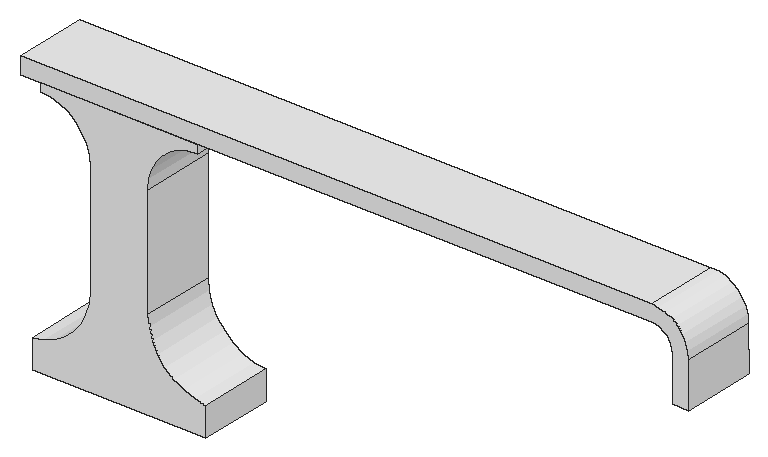
Revit family "Toilet Roll Holder-Single-Dorf Jovian1", category Specialty Equipment, host Face, Revit 2013
Parameters (values of type "Standard")
  URL = "http://www.dorf.com.au/"
  Type Comments = "Dorf Jovian Toilet Roll Holder"  # constant formula
  ModifiedIssue_ANZRS = 2013.1  # constant formula
  Model = "3402.04"  # constant formula
  Material_ANZRS = Metal-Chrome-Caroma
  Manufacturer = "GWA Bathrooms & Kitchens"  # constant formula
  Length_ANZRS = 162 mm  # constant formula
  Description = ""
  Default Elevation = 500 mm
  CreatedBy_ANZRS = "Design Content"  # constant formula
  CreatedByURL_ANZRS = "www.designcontent.com.au"
  Cost = 0
  Assembly Code = "C1030200"
Reference planes
  plane 1 "Center (Elevation)": y = 0
  plane 2 "Back": z = 0
  plane 3 "Center (Left/Right)": x = 0
  plane 4 "Left": x = -24
  plane 5 "Right": x = 138
  plane 6 "Bottom": y = -9
  plane 7 "Top": y = 9
  plane 8 "Front": z = 67
Forms (mm)
  Extrusion 1, solid, material "Metal-Chrome-Caroma" <- "Material_ANZRS"
    sketch origin (0, 0, 0) x (1, 0, 0) y (0, 0, 1)
      loop
        line (21, 0) -> (21, 7)
        arc (21, 7) -> (11.044, 11.741) -> (7, 22) r 15.036
        line (7, 22) -> (7, 49)
        arc (7, 49) -> (10.515, 57.485) -> (19, 61) r 12
        line (19, 61) -> (19, 62.9) -> (-19, 62.9) -> (-19, 61)
        arc (-19, 61) -> (-10.515, 57.485) -> (-7, 49) r 12
        line (-7, 49) -> (-7, 22)
        arc (-7, 22) -> (-11.044, 11.741) -> (-21, 7) r 15.036
        line (-21, 7) -> (-21, 0) -> (21, 0)
    from -9 to 9
  Extrusion 2, solid, material "Metal-Chrome-Caroma" <- "Material_ANZRS"
    sketch origin (0, 0, 0) x (1, 0, 0) y (0, 0, 1)
      loop
        line (138, 47) -> (138, 58)
        arc (138, 58) -> (135.364, 64.364) -> (129, 67) r 9
        line (129, 67) -> (-24, 67) -> (-24, 63) -> (129.003, 63)
        arc (129.003, 63) -> (132.537, 61.534) -> (134, 58) r 5
        line (134, 58) -> (134, 47) -> (138, 47)
    from -9 to 9
Dimensions and locks
  "Length_ANZRS": plane 4 "Left" to plane 5 "Right"
  plane 8 "Front" to host face = 67 mm
  aligned and locked: plane 2 "Back" to host face
  aligned and locked: level to host face
Automatic sketch dimensions
  host sketch curve to host sketch curve = 2438.4 mm  (x2)
  plane 4 "Left" to Extrusion 1 sketch curve = 3 mm
  level to Extrusion 1 sketch curve = 7 mm
  Extrusion 1 sketch curve to level = 0 mm
  plane 4 "Left" to Extrusion 1 sketch curve = 5 mm  (x2)
  Extrusion 1 sketch curve to plane 3 "Center (Left/Right)" = 7 mm
  plane 3 "Center (Left/Right)" to Extrusion 1 sketch curve = 7 mm
  Extrusion 1 sketch curve to plane 8 "Front" = 4.1 mm
  Extrusion 1 sketch curve to Extrusion 1 sketch curve = 12 mm
  Extrusion 1 sketch curve to Extrusion 1 sketch curve = 14 mm
  plane 4 "Left" to Extrusion 1 sketch curve = 1.964 mm
  Extrusion 1 sketch curve to Extrusion 1 sketch curve = 0 mm  (x2)
  Extrusion 1 sketch curve to Extrusion 1 sketch curve = 15.036 mm
  Extrusion 1 sketch curve to Extrusion 1 sketch curve = 7 mm
  Extrusion 1 sketch curve to plane 8 "Front" = 18 mm
  Extrusion 2 sketch curve to Extrusion 2 sketch curve = 0 mm  (x2)
  Extrusion 2 sketch curve to plane 4 "Left" = 0 mm
  Extrusion 2 sketch curve to plane 8 "Front" = 0 mm
  Extrusion 2 sketch curve to plane 8 "Front" = 9 mm
  Extrusion 2 sketch curve to plane 5 "Right" = 0 mm
  Extrusion 2 sketch curve to Extrusion 2 sketch curve = 0.003 mm
  Extrusion 2 sketch curve to plane 5 "Right" = 4 mm
  Extrusion 2 sketch curve to Extrusion 2 sketch curve = 11 mm
